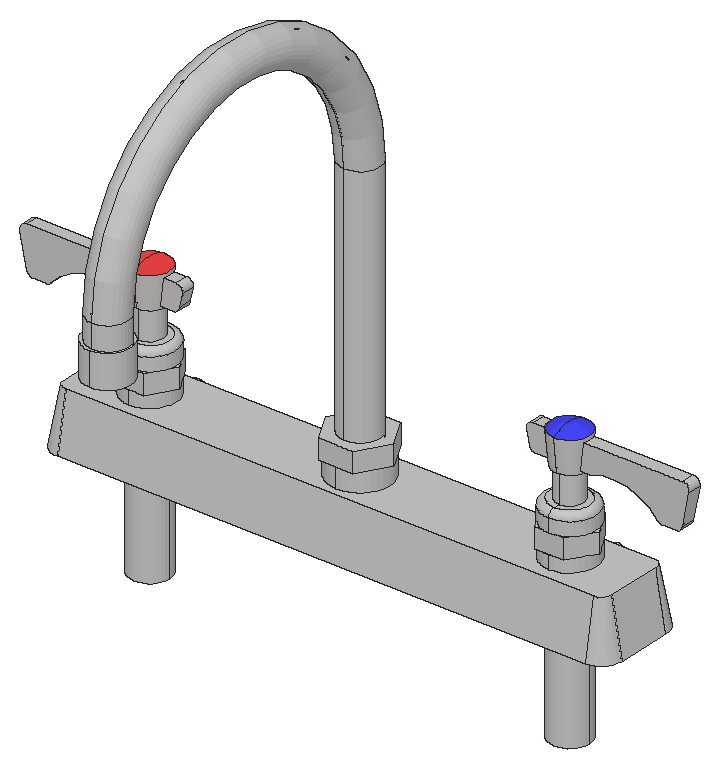
Revit family "Krowne_15-501L_DeckMount_Faucet", category Plumbing Fixtures, Revit 2018
Family settings
  Round Connector Dimension = Use Diameter
  Part Type = Normal
  OmniClass Number = 23.40.40.00
  OmniClass Title = Food Service Equipment and Furnishings
  Work Plane-Based = No
  Always vertical = Yes
  Cut with Voids When Loaded = No
  Shared = No
  Room Calculation Point = No
Parameters (values of type "DefaultType")
  Width = 12 3/4"
  Weight in Pounds = 5
  Watermarked By = ""
  Waste Water Discharge Temperature [instance] = -459.67 °F
  URL Cutsheet = ""
  URL = "https://krowne.com/"
  Status [instance] = ""
  Specification by User [instance] = ""
  Specification by Manufacturer [instance] = ""
  Serial Number [instance] = ""
  Revision Code [instance] = ""
  Plumbing Remarks [instance] = ""
  Plumbing Connection Type = ""
  NAFEM Spec ID Number [instance] = ""
  Model = "15-501L"
  Masterspec [instance] = ""
  Manufacturer = "Krowne Metal"
  KCLRef = "KCL2C9,,0004c590-0000-0000-0000-000000000307,KR,15-501L ,637110197920000000,32e94246-bc08-4b36-83b2-207d34b57dee,5fb9c0f9-feef-463f-ad7b-55b54e54a0c6"
  KCL SpecSheet URL = "http://kclweb.kclcad.com/imagehandler.ashx?kdoc=15-5xxl&R=KR&M=15-501L%20&VC=7&TID=KCLWeb&T=doc"
  Item Number [instance] = "-"
  Installed By [instance] = ""
  Hot Water Temperature = 100 °F
  Hot Water Size = 1/2"
  Hot Water RI Height [instance] = 0"
  Hot Water Minimum Pressure = 0.00 psi
  Hot Water Maximum Pressure = 0.00 psi
  Hot Water Flow = 1.8 GPM
  Hot Water Consumption = 0 GPM
  Hot Water Connection Height = 0"
  Height = 3 3/8"
  Furnished By [instance] = ""
  Foodservice Equipment Identifier = yes
  Description = "Deck Mount Faucet"
  Depth = 1 7/8"
  Cold Water Temperature Recommended = -459.67 °F
  Cold Water Size = 1/2"
  Cold Water RI Height [instance] = 0"
  Cold Water Minimum Pressure = 0.00 psi
  Cold Water Maximum Pressure = 0.00 psi
  Cold Water Flow = 1.8 GPM
  Cold Water Consumption = ""
  Cold Water Connection Height = 0"
  CSI MasterFormat = ""
  Assembly Code = "E1090300"
Reference planes (in)
  plane 1 "BACK": y = 0
  plane 2: z = 0
  plane 3 "LEFT": x = -18.94073
  plane 4 "RIGHT": x = -6.19073
  plane 5 "FRONT": y = -1.875
  plane 6 "TOP": z = 3.375
  plane 7 "CENTER L/R": x = -12.56573
  plane 8 "Top of Body": z = 1.0625
  plane 9: y = -0.9375
  plane 10: z = 9.8125
  plane 11: z = 5.375
  plane 12: y = -6.9375
Forms (in)
  Sweep 1, solid, material "QF_Stainless-Polished"
    path origin (-12.56573, 0, 0) x (0, 1, 0) y (0, 0, 1)
      loop
        line (-0.9375, 1.0625) -> (-0.9375, 6.4375)
        arc (-0.9375, 6.4375) -> (-3.9375, 9.4375) -> (-6.9375, 6.4375) r 3
        line (-6.9375, 6.4375) -> (-6.9375, 5.375)
    profile origin (-12.56573, -0.9375, 3.75) x (0, -1, 0) y (1, 0, 0)
      loop
        circle (0, 0) r 0.375
      loop
        circle (0, 0) r 0.25
  Extrusion 2, solid, material "QF_Stainless-Polished"
    sketch origin (0, 0, 1.0625) x (0, 1, 0) y (-1, 0, 0)
      loop
        circle (-0.9375, 12.56573) r 0.375
      loop
        circle (-0.9375, 12.56573) r 0.4375
    from 0 to 0.625
  Extrusion 3, solid, material "QF_Stainless-Polished"
    sketch origin (0, 0, 1.0625) x (0, 1, 0) y (-1, 0, 0)
      loop
        circle (-0.9375, 12.56573) r 0.5625
      loop
        circle (-0.9375, 12.56573) r 0.375
    from 0 to 0.375
  Extrusion 4, solid, material "QF_Stainless-Polished"
    sketch origin (0, 0, 1.4375) x (0, 1, 0) y (-1, 0, 0)
      loop
        line (-0.9375, 11.91391) -> (-0.37301, 12.23982) -> (-0.37301, 12.89163) -> (-0.9375, 13.21754) -> (-1.50199, 12.89163) -> (-1.50199, 12.23982) -> (-0.9375, 11.91391)
      loop
        circle (-0.9375, 12.56573) r 0.375
    from 0 to 0.375
  Extrusion 5, solid, material "QF_Stainless-Polished"
    sketch origin (-12.56573, -6.9375, 5.375) x (0, -1, 0) y (-1, 0, 0)
      loop
        circle (0, 0) r 0.375
      loop
        circle (0, 0) r 0.4375
    from 0 to -0.625
Lines and regions (in)
  symbolic lines
    curve 1: line (-12.23982, -0.37301, 0) -> (-12.89163, -0.37301, 0)
    curve 2: line (-12.89163, -0.37301, 0) -> (-13.21754, -0.9375, 0)
    curve 3: line (-13.21754, -0.9375, 0) -> (-12.94073, -1.41696, 0)
    curve 4: line (-12.19073, -1.41696, 0) -> (-11.91391, -0.9375, 0)
    curve 5: line (-11.91391, -0.9375, 0) -> (-12.23982, -0.37301, 0)
    curve 6: arc (-12.56573, -1.3125, 0) -> (-12.94073, -0.9375, 0) -> (-12.56573, -0.5625, 0) r 0.375
    curve 7: arc (-12.56573, -0.5625, 0) -> (-12.19073, -0.9375, 0) -> (-12.56573, -1.3125, 0) r 0.375
    curve 8: arc (-12.94073, -6.9375, 0) -> (-12.83089, -7.20267, 0) -> (-12.56573, -7.3125, 0) r 0.375
    curve 9: arc (-12.56573, -7.3125, 0) -> (-12.30056, -7.20267, 0) -> (-12.19073, -6.9375, 0) r 0.375
    curve 10: line (-12.94073, -6.9375, 0) -> (-12.94073, -0.9375, 0)
    curve 11: line (-12.19073, -0.9375, 0) -> (-12.19073, -6.9375, 0)
Dimensions and locks (in)
  "Width": plane 3 "LEFT" to plane 4 "RIGHT"
  "Depth": plane 5 "FRONT" to plane 1 "BACK"
  "Height": plane 6 "TOP" to plane 2
  plane 8 "Top of Body" to level = 1 1/16"
  equal spacing: plane 5 "FRONT", plane 9, plane 1 "BACK"
  equal spacing: plane 3 "LEFT", plane 7 "CENTER L/R", plane 4 "RIGHT"
  plane 10 to plane 8 "Top of Body" = 8 3/4"
  plane 11 to plane 8 "Top of Body" = 4 5/16"
  plane 12 to plane 1 "BACK" = 6 15/16"
  aligned and locked: level to plane 2
  aligned and locked: plane 9 to Sweep 1 sketch curve
  aligned and locked: Sweep 1 sketch curve to plane 12
  aligned and locked: plane 11 to Sweep 1 sketch curve
Automatic sketch dimensions
  Sweep 1 sketch curve to plane 8 "Top of Body" = 0"
  Sweep 1 sketch curve to Sweep 1 sketch curve = 0"  (x2)
  Sweep 1 sketch curve to plane 7 "CENTER L/R" = 0"
  Sweep 1 sketch curve to profile plane = 0"
  Extrusion 2 sketch curve to Extrusion 2 sketch curve = 0"  (x2)
  Extrusion 2 sketch curve to plane 7 "CENTER L/R" = 0"
  plane 9 to Extrusion 2 sketch curve = 0"
  Extrusion 4 sketch curve to Extrusion 4 sketch curve = 0"  (x2)
  Extrusion 4 sketch curve to Extrusion 4 sketch curve = 0.56449"  (x2)
  Extrusion 4 sketch curve to Extrusion 4 sketch curve = 0.32591"  (x5)
  Extrusion 4 sketch curve to Extrusion 4 sketch curve = 0.65182"
  curve 8 to curve 9 = 0"
  plane 9 to curve 2 = 0"
  plane 12 to curve 10 = 0"
  plane 9 to curve 10 = 0"
  curve 6 to plane 7 "CENTER L/R" = 0"
  plane 9 to curve 11 = 0"
  plane 9 to curve 4 = 0"
  plane 9 to curve 6 = 0"
  curve 1 to plane 7 "CENTER L/R" = 0.32591"
  curve 10 to curve 8 = 3/8"
  curve 3 to curve 10 = 0.27682"
  plane 7 "CENTER L/R" to curve 5 = 0.32591"
  curve 11 to curve 4 = 0.27682"
  plane 1 "BACK" to curve 1 = 0.37301"
  curve 3 to curve 6 = 0.10446"
  curve 4 to curve 6 = 0.10446"
  Sweep 1 sketch curve to plane 10 = 3 3/8"
  Extrusion 3 sketch curve to Extrusion 3 sketch curve = 0"  (x2)
  Extrusion 3 sketch curve to plane 7 "CENTER L/R" = 0"
  plane 9 to Extrusion 3 sketch curve = 0"
  radius of Sweep 1 sketch curve = 3/8"
  radius of Sweep 1 sketch curve = 1/4"
  radius of Extrusion 2 sketch curve = 3/8"
  radius of Extrusion 2 sketch curve = 7/16"
  radius of Extrusion 4 sketch curve to Extrusion 3 = 0"
  radius of Extrusion 5 sketch curve to Sweep 1 = 0"
  radius of Sweep 1 to Extrusion 5 sketch curve = 1/16"
  radius of Extrusion 3 sketch curve = 9/16"
  radius of Extrusion 3 sketch curve = 3/8"
Nested families (in)
  nested 1: "QF_Krowne_15-5_Body" at (-0.1875, -0.03125, 0), type "QF_Krowne_15-5_Body"
Connectors (in)
  piping at (-16.56573, 0.21875, 0.53125), diameter 0.5, driven by "Hot Water Flow", driven by "Hot Water Size"
    settings: on nested 1, index 1, connector inside diameter 24", connector length 0", flow factor 0, pipe flow 1.8 GPM, pressure drop 0.00 psi, fitting loss kfactor 0, connector angle 0.00°, fixture units 0, engagement length 0", angle of deflection 0.00°, flow configuration 1, flow direction 1, fitting loss method 0, system type 19, joint type 0, gender type 0, connector reference index -1, connector utility 0, adjustable connector no, is connector primary no, connector description "HOT WATER"
  piping at (-8.56573, 0.21875, 0.53125), diameter 0.5, driven by "Cold Water Flow", driven by "Cold Water Size"
    settings: on nested 1, index 2, connector inside diameter 24", connector length 0", flow factor 0, pipe flow 1.8 GPM, pressure drop 0.00 psi, fitting loss kfactor 0, connector angle 0.00°, fixture units 0, engagement length 0", angle of deflection 0.00°, flow configuration 1, flow direction 1, fitting loss method 0, system type 20, joint type 0, gender type 0, connector reference index -1, connector utility 0, adjustable connector no, is connector primary yes, connector description "COLD WATER"
Definition of nested family "QF_Krowne_15-5_Body"
  Parameters (values of type "QF_Krowne_15-5_Body")
    Width = 12 3/4"
    Watermarked By = ""
    Height = 3 7/8"
    Description = ""
    Depth = 1 13/16"
  Reference planes (in)
    plane 1 "BACK": y = 0
    plane 2: z = 0
    plane 3 "LEFT": x = -18.75323
    plane 4 "RIGHT": x = -6.00323
    plane 5 "TOP": z = 3.1875
    plane 6 "Center": x = -12.37823
    plane 7 "Left of Handle": x = -16.37823
    plane 8 "Right of Handle": x = -8.37823
    plane 9 "Top of Body": z = 1.0625
    plane 10 "FRONT": y = -1.8125
    plane 11: x = -17.78448
    plane 12: x = -6.97198
    plane 13 "Faucet Handle Center": y = -0.90625
    plane 14: y = -0.78125
    plane 15: y = -1.03125
    plane 16: z = 0.53125
    plane 17: z = 3.375
  Forms (in)
    Blend 1, solid
      base sketch origin (0, 0, 0) x (1, 0, 0) y (0, 1, 0)
        loop
          line (-17.40948, -1.8125) -> (-7.34698, -1.8125)
          arc (-7.34698, -1.8125) -> (-7.08181, -1.70267) -> (-6.97198, -1.4375) r 0.375
          line (-6.97198, -1.4375) -> (-6.97198, -0.375)
          arc (-6.97198, -0.375) -> (-7.08181, -0.10983) -> (-7.34698, 0) r 0.375
          line (-7.34698, 0) -> (-17.40948, 0)
          arc (-17.40948, 0) -> (-17.67464, -0.10983) -> (-17.78448, -0.375) r 0.375
          line (-17.78448, -0.375) -> (-17.78448, -1.4375)
          arc (-17.78448, -1.4375) -> (-17.67464, -1.70267) -> (-17.40948, -1.8125) r 0.375
      top sketch origin (0, 0, 0) x (1, 0, 0) y (0, 1, 0)
        loop
          arc (-17.59698, -1.4375) -> (-17.54206, -1.57008) -> (-17.40948, -1.625) r 0.1875
          line (-17.40948, -1.625) -> (-7.34698, -1.625)
          arc (-7.34698, -1.625) -> (-7.21439, -1.57008) -> (-7.15948, -1.4375) r 0.1875
          line (-7.15948, -1.4375) -> (-7.15948, -0.375)
          arc (-7.15948, -0.375) -> (-7.21439, -0.24242) -> (-7.34698, -0.1875) r 0.1875
          line (-7.34698, -0.1875) -> (-17.40948, -0.1875)
          arc (-17.40948, -0.1875) -> (-17.54206, -0.24242) -> (-17.59698, -0.375) r 0.1875
          line (-17.59698, -0.375) -> (-17.59698, -1.4375)
      from 0 to 1.0625
    Extrusion 2, solid
      sketch origin (0, 0, 1.0625) x (0, 1, 0) y (-1, 0, 0)
        loop
          circle (-0.90625, 16.37823) r 0.5
        loop
          circle (-0.90625, 8.37823) r 0.5
      from 0 to 0.25
    Extrusion 3, solid
      sketch origin (0, 0, 1.3125) x (0, 1, 0) y (-1, 0, 0)
        loop
          line (-0.90625, 15.81573) -> (-0.41911, 16.09698) -> (-0.41911, 16.65948) -> (-0.90625, 16.94073) -> (-1.39339, 16.65948) -> (-1.39339, 16.09698) -> (-0.90625, 15.81573)
        loop
          line (-0.90625, 7.81573) -> (-0.41911, 8.09698) -> (-0.41911, 8.65948) -> (-0.90625, 8.94073) -> (-1.39339, 8.65948) -> (-1.39339, 8.09698) -> (-0.90625, 7.81573)
      from 0 to 0.375
    Revolve 4, solid
      sketch origin (-16.37823, 0, 0) x (0, 1, 0) y (0, 0, 1)
        loop
          line (-0.90625, 1.6875) -> (-0.40625, 1.6875) -> (-0.40625, 1.9375)
          arc (-0.40625, 1.9375) -> (-0.44286, 2.02589) -> (-0.53125, 2.0625) r 0.125
          line (-0.53125, 2.0625) -> (-0.90625, 2.0625) -> (-0.90625, 1.6875)
        axis (-0.90625, 1.6875) -> (-0.90625, 2.0625)
      angle from 0 to 360
    Revolve 5, solid
      sketch origin (-8.37823, 0, 0) x (0, 1, 0) y (0, 0, 1)
        loop
          line (-0.90625, 1.6875) -> (-0.40625, 1.6875) -> (-0.40625, 1.9375)
          arc (-0.40625, 1.9375) -> (-0.44286, 2.02589) -> (-0.53125, 2.0625) r 0.125
          line (-0.53125, 2.0625) -> (-0.90625, 2.0625) -> (-0.90625, 1.6875)
        axis (-0.90625, 1.6875) -> (-0.90625, 2.0625)
      angle from 0 to 360
    Revolve 6, solid
      sketch origin (-8.37823, 0, 0) x (0, 1, 0) y (0, 0, 1)
        loop
          line (-0.90625, 2.0625) -> (-0.65625, 2.0625) -> (-0.65625, 2.625) -> (-0.90625, 2.625) -> (-0.90625, 2.0625)
        axis (-0.90625, 2.0625) -> (-0.90625, 2.625)
      angle from 0 to 360
    Revolve 7, solid
      sketch origin (-16.37823, 0, 0) x (0, 1, 0) y (0, 0, 1)
        loop
          line (-0.90625, 2.0625) -> (-0.65625, 2.0625) -> (-0.65625, 2.625) -> (-0.90625, 2.625) -> (-0.90625, 2.0625)
        axis (-0.90625, 2.0625) -> (-0.90625, 2.625)
      angle from 0 to 360
    Revolve 8, solid
      sketch origin (-16.37823, 0, 0) x (0, 1, 0) y (0, 0, 1)
        loop
          line (-0.90625, 2.625) -> (-0.59375, 2.625) -> (-0.53125, 3.25) -> (-0.90625, 3.25) -> (-0.90625, 2.625)
        axis (-0.90625, 2.625) -> (-0.90625, 3.25)
      angle from 0 to 360
    Revolve 9, solid
      sketch origin (-8.37823, 0, 0) x (0, 1, 0) y (0, 0, 1)
        loop
          line (-0.90625, 2.625) -> (-0.59375, 2.625) -> (-0.53125, 3.25) -> (-0.90625, 3.25) -> (-0.90625, 2.625)
        axis (-0.90625, 2.625) -> (-0.90625, 3.25)
      angle from 0 to 360
    Revolve 10, solid
      sketch origin (-16.37823, 0, 0) x (0, 1, 0) y (0, 0, 1)
        loop
          line (-0.90625, 3.25) -> (-0.53125, 3.25)
          arc (-0.53125, 3.25) -> (-0.70704, 3.34763) -> (-0.90625, 3.375) r 0.54601
          line (-0.90625, 3.375) -> (-0.90625, 3.25)
        axis (-0.90625, 3.25) -> (-0.90625, 3.375)
      angle from 0 to 360
    Revolve 11, solid
      sketch origin (-8.37823, 0, 0) x (0, 1, 0) y (0, 0, 1)
        loop
          line (-0.90625, 3.25) -> (-0.53125, 3.25)
          arc (-0.53125, 3.25) -> (-0.70704, 3.34763) -> (-0.90625, 3.375) r 0.54601
          line (-0.90625, 3.375) -> (-0.90625, 3.25)
        axis (-0.90625, 3.25) -> (-0.90625, 3.375)
      angle from 0 to 360
    Extrusion 12, solid
      sketch origin (0, 0, 0) x (1, 0, 0) y (0, 0, 1)
        loop
          circle (-16.37823, 0.53125) r 0.25
        loop
          circle (-8.37823, 0.53125) r 0.25
      from 0.21074 to -0.25
    Extrusion 13, solid
      sketch origin (0, -0.90625, 0) x (1, 0, 0) y (0, 0, 1)
        loop
          arc (-18.62823, 3.1875) -> (-18.72489, 3.14175) -> (-18.7508, 3.03799) r 0.125
          line (-18.7508, 3.03799) -> (-18.62581, 2.41303)
          arc (-18.62581, 2.41303) -> (-18.58249, 2.34087) -> (-18.50324, 2.31254) r 0.125
          line (-18.50324, 2.31254) -> (-18.25335, 2.31254)
          arc (-18.25335, 2.31254) -> (-18.20057, 2.32423) -> (-18.15766, 2.35712) r 0.125
          arc (-18.15766, 2.35712) -> (-17.58494, 2.72229) -> (-16.90628, 2.69449) r 1.13354
          arc (-16.90628, 2.69449) -> (-16.88545, 2.68898) -> (-16.86398, 2.68712) r 0.125
          line (-16.86398, 2.68712) -> (-15.83077, 2.68712)
          arc (-15.83077, 2.68712) -> (-15.75152, 2.71545) -> (-15.7082, 2.78761) r 0.125
          line (-15.7082, 2.78761) -> (-15.65813, 3.03799)
          arc (-15.65813, 3.03799) -> (-15.68403, 3.14175) -> (-15.7807, 3.1875) r 0.125
          line (-15.7807, 3.1875) -> (-18.62823, 3.1875)
        loop
          line (-6.12823, 3.1875) -> (-8.97575, 3.1875)
          arc (-8.97575, 3.1875) -> (-9.07242, 3.14175) -> (-9.09832, 3.03799) r 0.125
          line (-9.09832, 3.03799) -> (-9.04825, 2.78761)
          arc (-9.04825, 2.78761) -> (-9.00493, 2.71545) -> (-8.92568, 2.68712) r 0.125
          line (-8.92568, 2.68712) -> (-7.89247, 2.68712)
          arc (-7.89247, 2.68712) -> (-7.871, 2.68898) -> (-7.85017, 2.69449) r 0.125
          arc (-7.85017, 2.69449) -> (-7.17151, 2.72229) -> (-6.59879, 2.35712) r 1.13354
          arc (-6.59879, 2.35712) -> (-6.55588, 2.32423) -> (-6.5031, 2.31254) r 0.125
          line (-6.5031, 2.31254) -> (-6.25321, 2.31254)
          arc (-6.25321, 2.31254) -> (-6.17396, 2.34087) -> (-6.13064, 2.41303) r 0.125
          line (-6.13064, 2.41303) -> (-6.00565, 3.03799)
          arc (-6.00565, 3.03799) -> (-6.03156, 3.14175) -> (-6.12823, 3.1875) r 0.125
      from -0.125 to 0.125
    Extrusion 14, solid
      sketch origin (0, 0, 0) x (1, 0, 0) y (0, 1, 0)
        loop
          circle (-16.37823, -0.90625) r 0.375
      from 0 to -2
    Extrusion 15, solid
      sketch origin (0, 0, 0) x (1, 0, 0) y (0, 1, 0)
        loop
          circle (-8.37823, -0.90625) r 0.375
      from 0 to -2
  Lines and regions (in)
    symbolic lines
      curve 1: line (-18.75323, -0.78125, 1.0625) -> (-15.6557, -0.78125, 1.0625)
      curve 2: line (-18.75323, -1.03125, 1.0625) -> (-18.75323, -0.78125, 1.0625)
      curve 3: line (-15.6557, -1.03125, 1.0625) -> (-18.75323, -1.03125, 1.0625)
      curve 4: line (-15.6557, -0.78125, 1.0625) -> (-15.6557, -1.03125, 1.0625)
      curve 5: line (-6.00323, -0.78125, 1.0625) -> (-9.10075, -0.78125, 1.0625)
      curve 6: line (-6.00323, -1.03125, 1.0625) -> (-6.00323, -0.78125, 1.0625)
      curve 7: line (-9.10075, -1.03125, 1.0625) -> (-6.00323, -1.03125, 1.0625)
      curve 8: line (-9.10075, -0.78125, 1.0625) -> (-9.10075, -1.03125, 1.0625)
      curve 9: line (-7.34698, 0, 1.0625) -> (-17.40948, 0, 1.0625)
      curve 10: line (-6.97198, -1.4375, 1.0625) -> (-6.97198, -1.03125, 1.0625)
      curve 11: line (-17.40948, -1.8125, 1.0625) -> (-7.34698, -1.8125, 1.0625)
      curve 12: line (-17.78448, -0.375, 1.0625) -> (-17.78448, -0.78125, 1.0625)
      curve 13: line (-17.78448, -1.03125, 1.0625) -> (-17.78448, -1.4375, 1.0625)
      curve 14: line (-6.97198, -0.78125, 1.0625) -> (-6.97198, -0.375, 1.0625)
      curve 15: line (-16.65948, -0.41911, 1.0625) -> (-16.86856, -0.78125, 1.0625)
      curve 16: line (-16.65948, -0.41911, 1.0625) -> (-16.09698, -0.41911, 1.0625)
      curve 17: line (-16.09698, -0.41911, 1.0625) -> (-15.88789, -0.78125, 1.0625)
      curve 18: line (-16.09698, -1.39339, 1.0625) -> (-16.65948, -1.39339, 1.0625)
      curve 19: line (-16.65948, -1.39339, 1.0625) -> (-16.86856, -1.03125, 1.0625)
      curve 20: line (-16.09698, -1.39339, 1.0625) -> (-15.88789, -1.03125, 1.0625)
      curve 21: line (-8.65948, -0.41911, 1.0625) -> (-8.09698, -0.41911, 1.0625)
      curve 22: line (-8.09698, -0.41911, 1.0625) -> (-7.88789, -0.78125, 1.0625)
      curve 23: line (-8.65948, -0.41911, 1.0625) -> (-8.86856, -0.78125, 1.0625)
      curve 24: line (-8.09698, -1.39339, 1.0625) -> (-8.65948, -1.39339, 1.0625)
      curve 25: line (-8.65948, -1.39339, 1.0625) -> (-8.86856, -1.03125, 1.0625)
      curve 26: line (-8.09698, -1.39339, 1.0625) -> (-7.88789, -1.03125, 1.0625)
      curve 27: arc (-17.78448, -0.375, 1.0625) -> (-17.67464, -0.10983, 1.0625) -> (-17.40948, 0, 1.0625) r 0.375
      curve 28: arc (-6.97198, -0.375, 1.0625) -> (-7.08181, -0.10983, 1.0625) -> (-7.34698, 0, 1.0625) r 0.375
      curve 29: arc (-6.97198, -1.4375, 1.0625) -> (-7.08181, -1.70267, 1.0625) -> (-7.34698, -1.8125, 1.0625) r 0.375
      curve 30: arc (-17.40948, -1.8125, 1.0625) -> (-17.67464, -1.70267, 1.0625) -> (-17.78448, -1.4375, 1.0625) r 0.375
      curve 31: line (-7.34698, -0.1875, 1.0625) -> (-17.40948, -0.1875, 1.0625)
      curve 32: arc (-17.40948, -0.1875, 1.0625) -> (-17.54206, -0.24242, 1.0625) -> (-17.59698, -0.375, 1.0625) r 0.1875
      curve 33: arc (-17.59698, -1.4375, 1.0625) -> (-17.54206, -1.57008, 1.0625) -> (-17.40948, -1.625, 1.0625) r 0.1875
      curve 34: line (-17.40948, -1.625, 1.0625) -> (-7.34698, -1.625, 1.0625)
      curve 35: arc (-7.34698, -1.625, 1.0625) -> (-7.21439, -1.57008, 1.0625) -> (-7.15948, -1.4375, 1.0625) r 0.1875
      curve 36: arc (-7.15948, -0.375, 1.0625) -> (-7.21439, -0.24242, 1.0625) -> (-7.34698, -0.1875, 1.0625) r 0.1875
      curve 37: line (-7.15948, -0.375, 1.0625) -> (-7.15948, -0.78125, 1.0625)
      curve 38: line (-7.15948, -1.4375, 1.0625) -> (-7.15948, -1.03125, 1.0625)
      curve 39: line (-17.59698, -1.4375, 1.0625) -> (-17.59698, -1.03125, 1.0625)
      curve 40: line (-17.59698, -0.375, 1.0625) -> (-17.59698, -0.78125, 1.0625)
  Dimensions and locks (in)
    "Width": plane 3 "LEFT" to plane 4 "RIGHT"
    plane 9 "Top of Body" to level = 1 1/16"
    equal spacing: plane 10 "FRONT", plane 13 "Faucet Handle Center", plane 1 "BACK"
    equal spacing: plane 15, plane 13 "Faucet Handle Center", plane 14
    locked: plane 15 to plane 14 at 0.25
    equal spacing: plane 9 "Top of Body", plane 16, level
    "Depth": plane 10 "FRONT" to plane 1 "BACK"
    plane 5 "TOP" to level = 3 3/16"
    plane 17 to level = 3 3/8"
    plane 7 "Left of Handle" to plane 8 "Right of Handle" = 8"
    equal spacing: plane 7 "Left of Handle", plane 6 "Center", plane 8 "Right of Handle"
    locked: plane 3 "LEFT" to plane 11 at 0.96875
    locked: plane 12 to plane 4 "RIGHT" at 0.96875
    aligned and locked: level to plane 2
    aligned and locked: plane 9 "Top of Body" to Blend 1
    aligned and locked: Extrusion 3 to Revolve 5 sketch curve
    aligned and locked: Revolve 8 sketch curve to Revolve 8 sketch curve
    aligned and locked: Revolve 9 sketch curve to Revolve 9 sketch curve
    aligned and locked: plane 4 "RIGHT" to curve 6
    aligned and locked: curve 12 to plane 11
    aligned and locked: plane 10 "FRONT" to Blend 1 sketch curve
    aligned and locked: Blend 1 sketch curve to plane 11
    aligned and locked: plane 10 "FRONT" to curve 11
    aligned and locked: plane 13 "Faucet Handle Center" to Revolve 5 sketch curve
    aligned and locked: Extrusion 13 to plane 14
    aligned and locked: plane 15 to Extrusion 13
  Automatic sketch dimensions
    Extrusion 2 sketch curve to plane 8 "Right of Handle" = 0"
    plane 13 "Faucet Handle Center" to Extrusion 2 sketch curve = 0"  (x2)
    Extrusion 2 sketch curve to plane 7 "Left of Handle" = 0"
    Revolve 4 sketch curve to plane 13 "Faucet Handle Center" = 0"  (x2)
    Revolve 4 sketch curve to Revolve 4 sketch curve = 3/8"
    Revolve 4 sketch curve to Revolve 4 sketch curve = 1/8"
    plane 9 "Top of Body" to Revolve 4 sketch curve = 5/8"
    Revolve 4 sketch curve to Revolve 4 sketch curve = 1/4"
    Revolve 4 sketch curve to Revolve 4 sketch curve = 0"  (x2)
    Revolve 5 sketch curve to plane 13 "Faucet Handle Center" = 0"
    Revolve 5 sketch curve to Revolve 5 sketch curve = 3/8"
    Revolve 5 sketch curve to Revolve 5 sketch curve = 1/8"
    Revolve 5 sketch curve to Revolve 5 sketch curve = 0"  (x2)
    Revolve 5 sketch curve to Revolve 5 sketch curve = 1/4"
    Revolve 6 sketch curve to plane 13 "Faucet Handle Center" = 0"  (x2)
    Revolve 6 sketch curve to plane 13 "Faucet Handle Center" = 1/4"
    plane 9 "Top of Body" to Revolve 6 sketch curve = 1"
    Revolve 6 sketch curve to Revolve 6 sketch curve = 9/16"
    Revolve 6 sketch curve to Revolve 6 sketch curve = 3/8"
    Revolve 6 sketch curve to Revolve 6 sketch curve = 0"
    Revolve 7 sketch curve to plane 13 "Faucet Handle Center" = 0"  (x2)
    Revolve 7 sketch curve to Revolve 7 sketch curve = 1/4"
    plane 9 "Top of Body" to Revolve 7 sketch curve = 1"
    Revolve 7 sketch curve to Revolve 7 sketch curve = 9/16"
    Revolve 7 sketch curve to Revolve 7 sketch curve = 3/8"
    Revolve 7 sketch curve to Revolve 7 sketch curve = 0"
    Revolve 8 sketch curve to plane 13 "Faucet Handle Center" = 0"
    Revolve 8 sketch curve to Revolve 8 sketch curve = 5/16"
    plane 5 "TOP" to Revolve 8 sketch curve = 1/16"
    Revolve 8 sketch curve to Revolve 8 sketch curve = 3/8"
    Revolve 8 sketch curve to plane 5 "TOP" = 9/16"
    Revolve 8 sketch curve to Revolve 8 sketch curve = 0"  (x2)
    Revolve 9 sketch curve to plane 13 "Faucet Handle Center" = 0"
    Revolve 9 sketch curve to plane 13 "Faucet Handle Center" = 5/16"
    plane 5 "TOP" to Revolve 9 sketch curve = 1/16"
    Revolve 9 sketch curve to plane 13 "Faucet Handle Center" = 3/8"
    Revolve 9 sketch curve to plane 5 "TOP" = 9/16"
    Revolve 9 sketch curve to Revolve 9 sketch curve = 0"  (x2)
    Revolve 10 sketch curve to plane 13 "Faucet Handle Center" = 0"  (x2)
    Revolve 10 sketch curve to plane 13 "Faucet Handle Center" = 0.02655"
    plane 5 "TOP" to Revolve 10 sketch curve = 1/16"
    Revolve 10 sketch curve to Revolve 10 sketch curve = 3/8"
    Revolve 10 sketch curve to plane 5 "TOP" = 0.35786"
    Revolve 10 sketch curve to Revolve 10 sketch curve = 0"  (x2)
    Revolve 11 sketch curve to plane 13 "Faucet Handle Center" = 0"  (x2)
    Revolve 11 sketch curve to plane 13 "Faucet Handle Center" = 0.02655"
    plane 5 "TOP" to Revolve 11 sketch curve = 1/16"
    Revolve 11 sketch curve to Revolve 11 sketch curve = 3/8"
    Revolve 11 sketch curve to plane 5 "TOP" = 0.35786"
    Revolve 11 sketch curve to Revolve 11 sketch curve = 0"  (x2)
    Extrusion 12 sketch curve to plane 7 "Left of Handle" = 0"
    Extrusion 12 sketch curve to plane 8 "Right of Handle" = 0"
    Extrusion 12 sketch curve to plane 16 = 0"  (x2)
    plane 11 to Blend 1 sketch curve = 3/8"
    Blend 1 sketch curve to Blend 1 sketch curve = 3/8"
    plane 1 "BACK" to Blend 1 sketch curve = 3/8"  (x2)
    Blend 1 sketch curve to plane 12 = 3/8"
    Blend 1 sketch curve to plane 12 = 3/16"
    Blend 1 sketch curve to Blend 1 sketch curve = 3/16"  (x4)
    plane 11 to Blend 1 sketch curve = 3/16"
    Blend 1 sketch curve to plane 10 "FRONT" = 3/8"
    plane 1 "BACK" to Blend 1 sketch curve = 0"
    Blend 1 sketch curve to plane 12 = 0"
    curve 27 to curve 32 = 0"  (x2)
    curve 28 to curve 36 = 0"  (x2)
    curve 29 to curve 35 = 0"  (x2)
    curve 30 to curve 33 = 0"  (x2)
    curve 30 to plane 11 = 0"
    curve 29 to plane 12 = 0"
    plane 15 to curve 4 = 0"
    plane 15 to curve 26 = 0"
    plane 14 to curve 40 = 0"
    plane 14 to curve 23 = 0"
    curve 14 to plane 12 = 0"
    plane 1 "BACK" to curve 9 = 0"
    curve 34 to plane 10 "FRONT" = 3/16"
    curve 33 to curve 33 = 3/16"
    curve 34 to curve 35 = 3/16"
    plane 15 to curve 26 = 0.36214"
    plane 15 to curve 20 = 0.36214"
    curve 17 to plane 14 = 0.36214"
    curve 23 to plane 14 = 0.36214"
    curve 27 to curve 27 = 3/8"
    plane 1 "BACK" to curve 14 = 3/8"
    curve 31 to curve 28 = 3/16"
    plane 8 "Right of Handle" to curve 22 = 9/32"
    plane 8 "Right of Handle" to curve 24 = 9/32"
    curve 24 to plane 8 "Right of Handle" = 9/32"
    curve 21 to plane 8 "Right of Handle" = 9/32"
    curve 21 to curve 8 = 0.44128"
    plane 7 "Left of Handle" to curve 4 = 0.72253"
    plane 7 "Left of Handle" to curve 20 = 9/32"
    plane 7 "Left of Handle" to curve 17 = 9/32"
    curve 19 to plane 7 "Left of Handle" = 9/32"
    curve 16 to plane 7 "Left of Handle" = 9/32"
    curve 2 to plane 3 "LEFT" = 0"
    curve 22 to curve 21 = 0.20908"
    curve 26 to curve 22 = 0"
    curve 23 to curve 5 = 0.2322"
    curve 25 to curve 7 = 0.2322"
    curve 3 to curve 20 = 0.2322"
    curve 1 to curve 17 = 0.2322"
    curve 18 to curve 19 = 0.20908"
    curve 15 to curve 19 = 0"
    Extrusion 3 sketch curve to Extrusion 3 sketch curve = 0"
    Extrusion 3 sketch curve to Extrusion 3 sketch curve = 0.48714"  (x6)
    Extrusion 3 sketch curve to Extrusion 3 sketch curve = 9/32"  (x6)
    Extrusion 3 sketch curve to Extrusion 3 sketch curve = 9/16"  (x4)
    Extrusion 3 sketch curve to Extrusion 3 sketch curve = 6 7/8"
    Extrusion 13 sketch curve to plane 5 "TOP" = 0"  (x2)
    Extrusion 13 sketch curve to plane 7 "Left of Handle" = 2.37257"
    Extrusion 13 sketch curve to plane 7 "Left of Handle" = 2 1/4"
    Extrusion 13 sketch curve to plane 7 "Left of Handle" = 2.24759"
    Extrusion 13 sketch curve to plane 7 "Left of Handle" = 2 1/8"
    Extrusion 13 sketch curve to Extrusion 13 sketch curve = 0.24989"
    plane 9 "Top of Body" to Extrusion 13 sketch curve = 0.56533"  (x2)
    Extrusion 13 sketch curve to Extrusion 13 sketch curve = 0.96348"
    Extrusion 13 sketch curve to plane 5 "TOP" = 0.50038"  (x2)
    Extrusion 13 sketch curve to Extrusion 13 sketch curve = 0.42589"  (x2)
    Extrusion 13 sketch curve to Extrusion 13 sketch curve = 1.03321"  (x2)
    Extrusion 13 sketch curve to plane 5 "TOP" = 1/8"  (x2)
    Extrusion 13 sketch curve to Extrusion 13 sketch curve = 0.05007"  (x2)
    Extrusion 13 sketch curve to plane 5 "TOP" = 0.39989"  (x2)
    Extrusion 13 sketch curve to Extrusion 13 sketch curve = 0.12257"  (x3)
    Extrusion 13 sketch curve to plane 5 "TOP" = 0.14951"  (x4)
    plane 6 "Center" to Extrusion 13 sketch curve = 3.2799"
    plane 8 "Right of Handle" to Extrusion 13 sketch curve = 1.87513"
    plane 8 "Right of Handle" to Extrusion 13 sketch curve = 2 1/8"
    plane 8 "Right of Handle" to Extrusion 13 sketch curve = 2.24759"
    plane 8 "Right of Handle" to Extrusion 13 sketch curve = 2 1/4"
    Extrusion 13 sketch curve to plane 5 "TOP" = 0.87496"
    Extrusion 13 sketch curve to Extrusion 13 sketch curve = 0.74996"
    Extrusion 13 sketch curve to Extrusion 13 sketch curve = 0.10049"  (x2)
    Extrusion 13 sketch curve to Extrusion 13 sketch curve = 1/8"  (x4)
    Extrusion 13 sketch curve to Extrusion 13 sketch curve = 0"  (x2)
    Extrusion 14 sketch curve to plane 7 "Left of Handle" = 0"
    plane 13 "Faucet Handle Center" to Extrusion 14 sketch curve = 0"
    Extrusion 15 sketch curve to plane 8 "Right of Handle" = 0"
    plane 13 "Faucet Handle Center" to Extrusion 15 sketch curve = 0"
    radius of Extrusion 2 sketch curve = 1/2"  (x2)
    radius of Extrusion 12 sketch curve = 1/4"  (x2)
    radius of Extrusion 14 sketch curve = 3/8"
    radius of Extrusion 15 sketch curve = 3/8"
